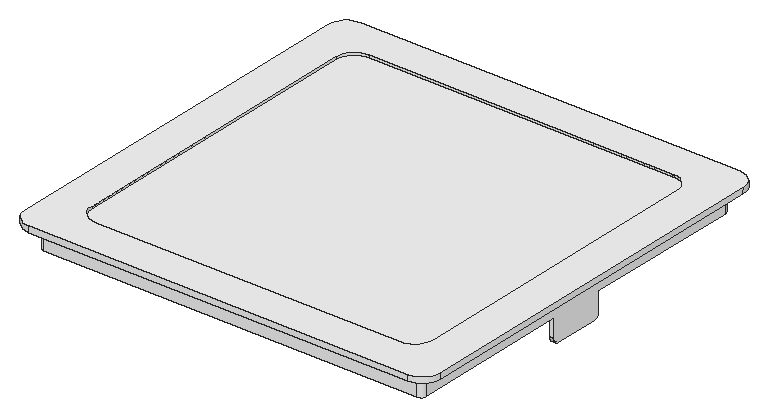
Revit family "0053897", category Lighting Fixtures, host Face, Revit 2016
Family settings
  Host = Face
  Part Type = Normal
  Round Connector Dimension = Use Diameter
  OmniClass Number = 23.80.70.11.14.11
  OmniClass Title = Downlights
  Cut with Voids When Loaded = No
  Light Source = Yes
  Shared = No
  Room Calculation Point = No
Parameters (values of type "0053897 ST eco Downlight Flat 206 Sq IP44 1925lm 840 DIM ")
  Weight = "7.97 kg"
  Wattage Comments = "n/a"
  Wattage = 18 W
  WarrantyStartDate [instance] = "n/a"
  WarrantyGuarantorParts = "n/a"
  WarrantyDurationUnit = "year"
  WarrantyDurationParts = "n/a"
  WarrantyDescription = "n/a"
  built-in parameter 1150110 = 1 (stored number, unit not read)
  Voltage = 230 V
  URL = "http://www.sylvania-lighting.com"
  TypeName = "ST eco Downlight Flat 206 Sq IP44 1925lm 840 DIM"
  Type Image = <None>
  Type Comments = "n/a"
  built-in parameter 1114217 = 1 (stored number, unit not read)
  Tilt Angle = -90.00°
  built-in parameter 1150109 = 1 (stored number, unit not read)
  built-in parameter 1150134 = 12
  built-in parameter 1150113 = 1 (stored number, unit not read)
  SerialNumber [instance] = "n/a"
  ReflectorMaterial = none
  RecessedHeight_FEILO = 25 mm
  RecessedDiameter_FEILO = 209 mm
  PowerFactor = 0
  PowerConsumption = "18 W"
  Photometric Web File = "0053897.ies"
  NominalLength = 226 mm
  NominalHeight = 25 mm
  NominalDepth = 226 mm
  Name = "ST eco Downlight Flat 206 Sq IP44 1925lm 840 DIM"
  ModelReference = Name  # "ST eco Downlight Flat 206 Sq IP44 1925lm 840 DIM"
  ModelNumber = "0053897"
  Model = Name  # "ST eco Downlight Flat 206 Sq IP44 1925lm 840 DIM"
  Material = "Aluminium"
  ManufacturerName = "Feilo Sylvania"
  Manufacturer = "Feilo Sylvania"
  LuminousEfficacy = "106.9 lm/W"
  built-in parameter 1150105 = 153.19 (stored number, unit not read)
  Lumens = 1925 lm
  LuminaireType = "LED recessed downlight"
  built-in parameter 1150115 = 1 (stored number, unit not read)
  LightOutputRatio = "1"
  built-in parameter 1150137 = (empty or 0)
  built-in parameter 1150139 = (empty or 0)
  LampsType = Lamp  # "LED"
  LampNominalLuminous = "1925 lm"
  LampMacAdamStep = "n/a"
  LampColourTemperature = "4000 K"
  LampColourRenderingIndex = "80"
  built-in parameter 1150112 = 1 (stored number, unit not read)
  built-in parameter 1150114 = 1 (stored number, unit not read)
  Lamp = "LED"
  Keynote = "16500"
  InstallationDate [instance] = "n/a"
  InputVoltage = "220-240V~"
  InputNominalFrequency = "50/60 Hz"
  built-in parameter 1150132 = (empty or 0)
  built-in parameter 1150102 = (empty or 0)
  built-in parameter 1150107 = 4000 (stored number, unit not read)
  built-in parameter 1150138 = (empty or 0)
  IngressProtection = "IP44"
  ImpactProtectionIndex = "IK06"
  built-in parameter 1150106 = 1.5319 (stored number, unit not read)
  IfcExportType = "IfcLightFixtureType"
  IfcExportAs = "IfcLightFixtureType"
  ExpectedLife = 50000
  Emit from Rectangle Width = BodyLength_FEILO - 48 mm  # 178 mm
  Emit from Rectangle Length = BodyLength_FEILO - 48 mm  # 178 mm
  Emit Shape Visible in Rendering = no
  ElectricShockClassification = "Class II"
  built-in parameter 1150104 = 9.9355 (stored number, unit not read)
  DurationUnit = "hours"
  DocumentationLiterature = "http://www.sylvania-lighting.com/product/en-int/products/0053897"
  DimmingControlOptions = "Dimmable"
  Dimming Lamp Color Temperature Shift = <None>
  DiffuserMaterial = Diffuser-Sylvania-Glow
  Description = "Integrated LED recessed downlight providing 1530 fixture lumens at a wattage of 18W giving a high efficacy of 85lm/W. Fitting includes Leading/Trailing edge phase dimmable driver and has a square ceiling cut out of 206x206mm with an IP20 and IK02 rating providing uniform distribution with an Opal diffuser and 110° beam angle. Provided including a Loop in Loop out box and built Built white aluminium housing."
  Default Elevation = 1219.2 mm
  CutoutHeight_FEILO = 32 mm
  CreatedOn = "03-11-2017"
  CreatedBy = "aron.fodor@feilosylvania.com"
  Cost = 0
  Color Filter = 16777215
  built-in parameter 1114216 [instance] = (empty or 0)
  ClassificationValue = "EF_70_80"
  ClassificationName = "Uniclass2015"
  BodyWidth_FEILO = BodyLength_FEILO  # 226 mm
  BodyRadiusUpper = 3 mm
  BodyRadius = 10 mm
  BodyMaterial = Body-Sylvania-SylFlatDimmable-White
  BodyLength_FEILO = 226 mm
  BodyHeight_FEILO = 12 mm
  BarCode [instance] = "n/a"
  built-in parameter 1114218 = 1 (stored number, unit not read)
  built-in parameter 1150133 = 10 (stored number, unit not read)
  AssetType = "Fixed"
  AssetIdentifier [instance] = "n/a"
  Assembly Code = "D5020200"
  Apparent Load = 18 VA
  AccessoryMaterial = Diffuser-Sylvania-Glow
Reference planes
  plane 1 "Center (Front/Back)": y = 0
  plane 2: z = 0
  plane 3 "Center (Left/Right)": x = 0
  plane 4: x = 113
  plane 5: x = -113
  plane 6: y = 113
  plane 7: y = -113
  plane 8: z = 3
  plane 9: z = -25
  plane 10: x = 104.5
  plane 11: x = -104.5
  plane 12: y = 104.5
  plane 13: y = -104.5
  plane 14: z = 2
  plane 15: x = -93
  plane 16: z = -12
  plane 17: x = -102
  plane 18: x = 102
  plane 19: z = -32
  plane 20: x = 93
  plane 21: y = 93
  plane 22: y = -93
  plane 23: y = 15
  plane 24: y = -15
Forms (mm)
  Extrusion 1, solid, material "Body-Sylvania-SylFlatDimmable-White" <- "BodyMaterial"
    sketch origin (0, 0, 0) x (1, 0, 0) y (0, 1, 0)
      loop
        arc (-103, 113) -> (-110.071, 110.071) -> (-113, 103) r 10
        line (-113, 103) -> (-113, -103)
        arc (-113, -103) -> (-110.071, -110.071) -> (-103, -113) r 10
        line (-103, -113) -> (103, -113)
        arc (103, -113) -> (110.071, -110.071) -> (113, -103) r 10
        line (113, -103) -> (113, 103)
        arc (113, 103) -> (110.071, 110.071) -> (103, 113) r 10
        line (103, 113) -> (-103, 113)
      loop
        arc (-83, 93) -> (-90.071, 90.071) -> (-93, 83) r 10
        line (-93, 83) -> (-93, -83)
        arc (-93, -83) -> (-90.071, -90.071) -> (-83, -93) r 10
        line (-83, -93) -> (83, -93)
        arc (83, -93) -> (90.071, -90.071) -> (93, -83) r 10
        line (93, -83) -> (93, 83)
        arc (93, 83) -> (90.071, 90.071) -> (83, 93) r 10
        line (83, 93) -> (-83, 93)
    from 0 to 3
  Extrusion 2, solid, material "Diffuser-Sylvania-Glow" <- "DiffuserMaterial"
    sketch origin (0, 0, 0) x (1, 0, 0) y (0, 1, 0)
      loop
        line (-93, 83) -> (-93, -83)
        arc (-93, -83) -> (-90.071, -90.071) -> (-83, -93) r 10
        line (-83, -93) -> (83, -93)
        arc (83, -93) -> (90.071, -90.071) -> (93, -83) r 10
        line (93, -83) -> (93, 83)
        arc (93, 83) -> (90.071, 90.071) -> (83, 93) r 10
        line (83, 93) -> (-83, 93)
        arc (-83, 93) -> (-90.071, 90.071) -> (-93, 83) r 10
    from 0 to 2
  Extrusion 3, solid, material "Body-Sylvania-SylFlatDimmable-White" <- "BodyMaterial"
    sketch origin (0, 0, 0) x (1, 0, 0) y (0, 1, 0)
      loop
        arc (-101.5, 104.5) -> (-103.621, 103.621) -> (-104.5, 101.5) r 3
        line (-104.5, 101.5) -> (-104.5, -101.5)
        arc (-104.5, -101.5) -> (-103.621, -103.621) -> (-101.5, -104.5) r 3
        line (-101.5, -104.5) -> (101.5, -104.5)
        arc (101.5, -104.5) -> (103.621, -103.621) -> (104.5, -101.5) r 3
        line (104.5, -101.5) -> (104.5, 101.5)
        arc (104.5, 101.5) -> (103.621, 103.621) -> (101.5, 104.5) r 3
        line (101.5, 104.5) -> (-101.5, 104.5)
    from 0 to -12
  Extrusion 4, solid, material "Body-Sylvania-SylFlatDimmable-White" <- "BodyMaterial"
    sketch origin (-104.5, 1524, 1219.2) x (0, 1, 0) y (0, 0, 1)
      loop
        line (-1539, -1231.2) -> (-1539, -1241.2)
        arc (-1539, -1241.2) -> (-1538.121, -1243.321) -> (-1536, -1244.2) r 3
        line (-1536, -1244.2) -> (-1512, -1244.2)
        arc (-1512, -1244.2) -> (-1509.879, -1243.321) -> (-1509, -1241.2) r 3
        line (-1509, -1241.2) -> (-1509, -1231.2) -> (-1539, -1231.2)
    from 0 to 2.5
  Extrusion 5, solid, material "Body-Sylvania-SylFlatDimmable-White" <- "BodyMaterial"
    sketch origin (104.5, 1524, 1219.2) x (0, 1, 0) y (0, 0, 1)
      loop
        line (-1509, -1231.2) -> (-1539, -1231.2) -> (-1539, -1241.2)
        arc (-1539, -1241.2) -> (-1538.121, -1243.321) -> (-1536, -1244.2) r 3
        line (-1536, -1244.2) -> (-1512, -1244.2)
        arc (-1512, -1244.2) -> (-1509.879, -1243.321) -> (-1509, -1241.2) r 3
        line (-1509, -1241.2) -> (-1509, -1231.2)
    from 0 to -2.5
  Extrusion 6, void
    sketch origin (0, 0, 0) x (1, 0, 0) y (0, 1, 0)
      loop
        line (-104.5, 104.5) -> (-104.5, -104.5) -> (102, -104.5) -> (102, 104.5) -> (-104.5, 104.5)
    from 0 to -32
Cuts and joins
  joined: Extrusion 1, Extrusion 3, Extrusion 4, Extrusion 5
Dimensions and locks
  equal spacing: plane 5, plane 3 "Center (Left/Right)", plane 4
  equal spacing: plane 7, plane 1 "Center (Front/Back)", plane 6
  "BodyWidth_FEILO": plane 7 to plane 6
  "BodyLength_FEILO": plane 5 to plane 4
  "RecessedHeight_FEILO": plane 2 to plane 9
  locked: plane 8 to plane 2 at 3
  equal spacing: plane 11, plane 3 "Center (Left/Right)", plane 10
  "RecessedDiameter_FEILO": plane 11 to plane 10
  equal spacing: plane 13, plane 1 "Center (Front/Back)", plane 12
  "RecessedDiameter_FEILO": plane 13 to plane 12
  locked: plane 14 to plane 2 at 2
  locked: plane 15 to plane 5 at 20
  "BodyHeight_FEILO": plane 2 to plane 16
  equal spacing: plane 18, plane 3 "Center (Left/Right)", plane 17
  locked: plane 17 to plane 11 at 2.5
  "CutoutHeight_FEILO": plane 2 to plane 19
  equal spacing: plane 20, plane 3 "Center (Left/Right)", plane 15
  equal spacing: plane 22, plane 1 "Center (Front/Back)", plane 21
  locked: plane 21 to plane 6 at 20
  equal spacing: plane 24, plane 1 "Center (Front/Back)", plane 23
  locked: plane 1 "Center (Front/Back)" to plane 23 at 15
  "BodyRadius": radius of Extrusion 1 sketch curve  (x8)
  "BodyRadiusUpper": radius of Extrusion 3 sketch curve  (x4)
  "BodyRadiusUpper": radius of Extrusion 4 sketch curve  (x2)
  "BodyRadiusUpper": radius of Extrusion 5 sketch curve  (x2)
  aligned and locked: plane 2 to host face
  aligned and locked: level to host face
  aligned and locked: imposter light to plane 14
  aligned and locked: plane 3 "Center (Left/Right)" to imposter light
  aligned and locked: imposter light to plane 1 "Center (Front/Back)"
  aligned and locked: plane 6 to Extrusion 1 sketch curve
  aligned and locked: plane 5 to Extrusion 1 sketch curve
  aligned and locked: Extrusion 1 sketch curve to plane 7
  aligned and locked: Extrusion 1 sketch curve to plane 4
  aligned and locked: plane 21 to Extrusion 1 sketch curve
  aligned and locked: plane 15 to Extrusion 1 sketch curve
  aligned and locked: Extrusion 1 sketch curve to plane 22
  aligned and locked: Extrusion 1 sketch curve to plane 20
  aligned and locked: Extrusion 1 to plane 8
  aligned and locked: Extrusion 2 sketch curve to Extrusion 1  (x4)
  aligned and locked: Extrusion 2 to plane 14
  aligned and locked: Extrusion 2 to level
  aligned and locked: plane 12 to Extrusion 3 sketch curve
  aligned and locked: Extrusion 3 sketch curve to plane 13
  aligned and locked: Extrusion 3 sketch curve to plane 10
  aligned and locked: plane 16 to Extrusion 3
  aligned and locked: level to Extrusion 3
  aligned and locked: plane 11 to Extrusion 3 sketch curve
  aligned and locked: plane 16 to Extrusion 4 sketch curve
  aligned and locked: Extrusion 4 sketch curve to plane 24
  aligned and locked: Extrusion 4 sketch curve to plane 9
  aligned and locked: plane 23 to Extrusion 4 sketch curve
  aligned and locked: plane 17 to Extrusion 4
  aligned and locked: Extrusion 4 to plane 11
  aligned and locked: Extrusion 5 sketch curve to cut or joined group of Extrusion 1, Extrusion 3, Extrusion 4, Extrusion 5
  aligned and locked: plane 9 to Extrusion 5 sketch curve
  aligned and locked: plane 24 to Extrusion 5 sketch curve
  aligned and locked: Extrusion 5 sketch curve to plane 23
  aligned and locked: Extrusion 5 to plane 18
  aligned and locked: plane 10 to Extrusion 5
  aligned and locked: plane 12 to Extrusion 6 sketch curve
  aligned and locked: Extrusion 6 sketch curve to plane 18
  aligned and locked: plane 11 to Extrusion 6 sketch curve
  aligned and locked: Extrusion 6 sketch curve to plane 13
  aligned and locked: level to Extrusion 6
  aligned and locked: plane 19 to Extrusion 6
Automatic sketch dimensions
  host sketch curve to host sketch curve = 2438.4 mm  (x2)
  Extrusion 1 sketch curve to Extrusion 1 sketch curve = 0 mm
Connectors
  electrical at (0, 0, 0), driven by "Apparent Load", driven by "PowerFactor", driven by "Voltage"
    settings: index 1, voltage 230 V, apparent load 18 VA, apparent load phase1 0 VA, apparent load phase2 0 VA, apparent load phase3 0 VA, power factor 0, load classification "Lighting", number of poles 1, system type 30, power factor state 1, is connector primary yes, connector utility no, sub classification motor no, connector description ""
